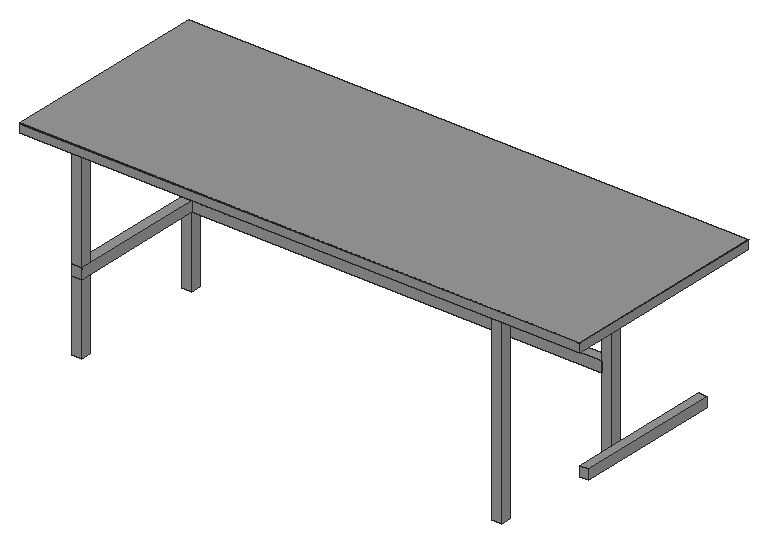
Revit family "LongBench", category Furniture, Revit 2025
Family settings
  OmniClass Number = 23.40.20.00
  OmniClass Title = General Furniture and Specialties
  Work Plane-Based = No
  Enable Cutting in Views = No
  Always vertical = Yes
  Cut with Voids When Loaded = No
  Render Appearance Source = Family Geometry
  Shared = No
  Room Calculation Point = No
Parameters
  Default Elevation = 0 mm
Reference planes
  plane 1 "CentreLong": y = 0
  plane 2: z = 0
  plane 3 "LeftEdge": x = 0
  plane 4 "FrontEdge": y = -825
  plane 5 "RightEdge": x = 2200
  plane 6 "DrawerFront": y = -610
  plane 7 "LeftSupport": x = 150
  plane 8 "BenchTop": z = 900
  plane 9 "BenchBottom": z = 865
  plane 10 "RightSupport": x = 2070
  plane 11 "BackSupport": y = -50
  plane 12 "DrawerInner": x = 520
Forms (mm)
  Extrusion 1, solid, material "Birch - Glossy"
    sketch origin (0, 0, 0) x (1, 0, 0) y (0, 1, 0)
      loop
        line (0, 0) -> (0, -825) -> (2200, -825) -> (2200, 0) -> (0, 0)
    from 865 to 898
  Extrusion 2, solid, material "Steel, Paint Finish, Dark Gray, Matte"
    sketch origin (1780, -548.097, 0) x (1, 0, 0) y (0, 1, 0)
      loop
        line (-100, 518.097) -> (-100, 478.097) -> (-60, 478.097) -> (-60, 518.097) -> (-100, 518.097)
    from 0 to 825
  Extrusion 3, solid, material "Steel, Paint Finish, Dark Gray, Matte"
    sketch origin (1780, -1115, 0) x (1, 0, 0) y (0, 1, 0)
      loop
        line (-100, 545) -> (-100, 505) -> (-60, 505) -> (-60, 545) -> (-100, 545)
    from 0 to 825
  Extrusion 4, solid, material "Steel, Paint Finish, Dark Gray, Matte"
    sketch origin (-700, -140, 0) x (1, 0, 0) y (0, 1, 0)
      loop
        line (2380, 110) -> (2380, -470) -> (2770, -470) -> (2770, 110) -> (2400, 110) -> (2380, 110)
    from 825 to 865
  Extrusion 5, solid, material "Steel, Paint Finish, Dark Gray, Matte"
    sketch origin (-700, -190, 0) x (1, 0, 0) y (0, 1, 0)
      loop
        line (2735.681, 150) -> (2735.681, -430) -> (2770, -430) -> (2770, 150) -> (2735.681, 150)
    from 280 to 320
  Extrusion 6, solid, not visible
    sketch origin (1780, -548.097, 0) x (1, 0, 0) y (0, 1, 0)
      loop
        line (-100, 518.097) -> (-100, 478.097) -> (-60, 478.097) -> (-60, 518.097) -> (-100, 518.097)
    from 0 to 825
  Extrusion 7, solid, not visible
    sketch origin (1780, -1115, 0) x (1, 0, 0) y (0, 1, 0)
      loop
        line (-100, 545) -> (-100, 505) -> (-60, 505) -> (-60, 545) -> (-100, 545)
    from 0 to 825
  Extrusion 8, solid, not visible
    sketch origin (-700, -140, 0) x (1, 0, 0) y (0, 1, 0)
      loop
        line (2380, 110) -> (2380, -470) -> (2420, -470) -> (2420, 110) -> (2400, 110) -> (2380, 110)
    from 825 to 865
  Extrusion 9, solid, not visible
    sketch origin (-700, -180, 0) x (1, 0, 0) y (0, 1, 0)
      loop
        line (2380, 150) -> (2380, -430) -> (2420, -430) -> (2420, 150) -> (2380, 150)
    from 280 to 320
  Extrusion 10, solid, material "Steel, Paint Finish, Dark Gray, Matte"
    sketch origin (130, -548.097, 0) x (1, 0, 0) y (0, 1, 0)
      loop
        line (-100, 518.097) -> (-100, 478.097) -> (-60, 478.097) -> (-60, 518.097) -> (-100, 518.097)
    from 0 to 825
  Extrusion 11, solid, material "Steel, Paint Finish, Dark Gray, Matte"
    sketch origin (130, -1115, 0) x (1, 0, 0) y (0, 1, 0)
      loop
        line (-100, 545) -> (-100, 505) -> (-60, 505) -> (-60, 545) -> (-100, 545)
    from 0 to 825
  Extrusion 12, solid, material "Steel, Paint Finish, Dark Gray, Matte"
    sketch origin (-2350, -140, 0) x (1, 0, 0) y (0, 1, 0)
      loop
        line (2380, 110) -> (2380, -470) -> (2420, -470) -> (2420, 110) -> (2400, 110) -> (2380, 110)
    from 825 to 865
  Extrusion 13, solid, material "Steel, Paint Finish, Dark Gray, Matte"
    sketch origin (-2350, -180, 0) x (1, 0, 0) y (0, 1, 0)
      loop
        line (2380, 150) -> (2380, -430) -> (2420, -430) -> (2420, 150) -> (2380, 150)
    from 280 to 320
  Extrusion 14, solid, material "Steel, Paint Finish, Dark Gray, Matte"
    sketch origin (0, 0, -200) x (0, 1, 0) y (0, 0, 1)
      loop
        line (-30, 520) -> (-70, 520) -> (-70, 480) -> (-30, 480) -> (-30, 520)
    from 70 to 1680
  Extrusion 15, solid, material "Steel, Paint Finish, Dark Gray, Matte"
    sketch origin (0, 0, 465) x (0, 1, 0) y (0, 0, 1)
      loop
        line (-30, 400) -> (-70, 400) -> (-70, 360) -> (-30, 360) -> (-30, 400)
    from 70 to 1680
  Extrusion 16, solid, material "Asphalt, Pavement"
    sketch origin (0, 0, 0) x (1, 0, 0) y (0, 1, 0)
      loop
        line (0, 0) -> (0, -825) -> (2200, -825) -> (2200, 0) -> (0, 0)
    from 898 to 900
Text (mm)
  text "one support in the middle" at (3334.232, 131.103, 0), in view "Ref SmallBench"
Dimensions and locks
  plane 3 "LeftEdge" to plane 5 "RightEdge" = 2200 mm
  plane 12 "DrawerInner" to Extrusion 3 = 1160 mm
  plane 8 "BenchTop" to level = 900 mm
  plane 5 "RightEdge" to plane 3 "LeftEdge" = 2200 mm
  plane 4 "FrontEdge" to plane 1 "CentreLong" = 825 mm
  Extrusion 5 to plane 10 "RightSupport" to plane 5 "RightEdge" = 0 mm, 130 mm
  aligned and locked: level to plane 2
